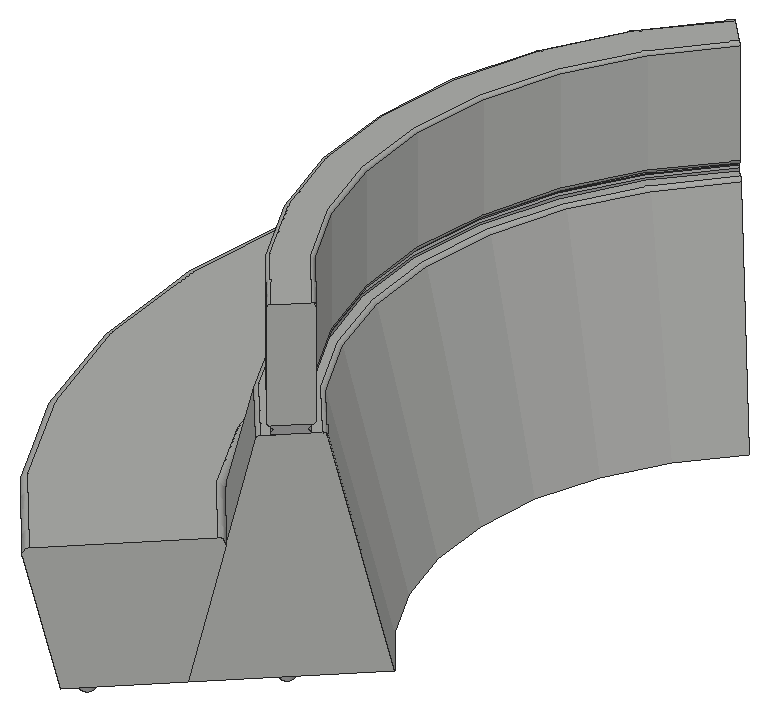
Revit family "Hive 90° External Bench, Full Base, One Screen", category Furniture, Revit 2020
Family settings
  OmniClass Number = 23.40.20.00
  OmniClass Title = General Furniture and Specialties
  Work Plane-Based = No
  Always vertical = Yes
  Cut with Voids When Loaded = No
  Shared = No
  Room Calculation Point = No
Parameters
  UK Secondary Seat Count = 4
  UK Primary Seat Count = 4
  Seat Upholstery [instance] = Fabric, Unspecified
  Seat Top Upholstery [instance] = Fabric, Unspecified
  Screen One Upholstery [instance] = Fabric, Unspecified
  Screen One Top Upholstery [instance] = Fabric, Unspecified
  Screen 1 [instance] = yes
  Power Module Seat Right Back [instance] = no
  Power Module Seat Left Back [instance] = no
  Power Module Screen 1 Back [instance] = no
  Plug = Palmer Hamilton Black Plastic
  Plate = Palmer Hamilton Alum
  No Legs [instance] = not(Legs)  # yes
  Model = "SHV3I"
  Legs [instance] = no
  LegRightOffset [instance] = 0' - 2 3/16"
  LegLeftOffset [instance] = 0' - 2 3/16"
  Leg [instance] = Palmer Hamilton - Aluminum
  Joint [instance] = Palmer Hamilton - Aluminum
  HS Seat Count = 4
  ES Seat Count = 4
  Default Elevation = 0' - 0"
  Cost = 4
  Back Upholstery [instance] = Fabric, Unspecified
  Back Top Upholstery [instance] = Fabric, Unspecified
Reference planes (in)
  plane 1 "Center Front/Back": y = 0
  plane 2: z = 0
  plane 3 "Center Left/Right": x = 0
  plane 4: z = 1.25
  plane 5: z = 9.1875
  plane 6: z = 17
  plane 7: z = 28
  plane 8: through (0, 0, 48) normal (-0.7071, -0.7071, 0)
  plane 9: x = -46.08772
  plane 10: x = -48.58772
  plane 11: x = -50.77522
  plane 12: x = -67.9375
  plane 13: x = -71.9375
  plane 14: through (0, 0, 48) normal (0.7071, -0.7071, 0)
  plane 15: through (-1.5468, 1.5468, 48) normal (0.7071, -0.7071, 0)
  plane 16: through (-1.5468, -1.5468, 48) normal (-0.7071, -0.7071, 0)
Forms (in)
  Extrusion 1, solid, material "Palmer Hamilton - Aluminum", visible <- "Legs"
    sketch origin (0, 0, 0) x (0.707107, 0.707107, 0) y (-0.707107, 0.707107, 0)
      loop
        circle (-48.62205, 2.1875) r 0.625
      loop
        circle (-71.96676, 2.1875) r 0.625
    from 0.25 to 12
  Extrusion 2, solid, material "Palmer Hamilton - Aluminum", visible <- "Legs"
    sketch origin (1.53114, -1.53114, 0) x (0.707107, 0.707107, 0) y (-0.707107, 0.707107, 0)
      loop
        circle (-2.1875, 50.80955) r 0.625
      loop
        circle (-2.1875, 74.13212) r 0.625
    from 0.25 to 12
  Extrusion 3, solid, material "Palmer Hamilton - Aluminum", visible <- "Legs"
    sketch origin (0, 0, 0) x (0.707107, 0.707107, 0) y (-0.707107, 0.707107, 0)
      loop
        circle (-34.33679, 34.33679) r 0.625
      loop
        circle (-50.86749, 50.86749) r 0.625
    from 0.25 to 12
  Extrusion 4, solid, material "pH Black Plastic", visible <- "Legs"
    sketch origin (0, 0, 0) x (0.707107, 0.707107, 0) y (-0.707107, 0.707107, 0)
      loop
        circle (-48.62205, 2.1875) r 0.75
      loop
        circle (-71.96481, 2.1875) r 0.75
    from 0 to 0.25
  Extrusion 5, solid, material "pH Black Plastic", visible <- "Legs"
    sketch origin (1.53114, -1.53114, 0) x (0.707107, 0.707107, 0) y (-0.707107, 0.707107, 0)
      loop
        circle (-2.1875, 50.80955) r 0.75
      loop
        circle (-2.1875, 74.13212) r 0.75
    from 0 to 0.25
  Extrusion 6, solid, material "pH Black Plastic", visible <- "Legs"
    sketch origin (0, 0, 0) x (0.707107, 0.707107, 0) y (-0.707107, 0.707107, 0)
      loop
        circle (-34.33679, 34.33679) r 0.75
      loop
        circle (-50.86749, 50.86749) r 0.75
    from 0 to 0.25
  Revolve 7, solid, material "Palmer Hamilton - Aluminum" <- "Joint", visible <- "Screen 1"
    sketch origin (0, 0, 0) x (1, 0, 0) y (0, 0, 1)
      loop
        line (-50.4124, 29) -> (-50.4124, 28.75) -> (-50.1624, 28.5) -> (-50.4124, 28.25) -> (-50.4124, 28) -> (-46.58858, 28) -> (-46.58858, 28.25) -> (-46.83858, 28.5) -> (-46.58858, 28.75) -> (-46.58858, 29) -> (-50.4124, 29)
      axis (0, 29) -> (0, 28)
    angle from 45 to -45
  Revolve 8, solid, material "Fabric, Unspecified" <- "Screen One Upholstery", visible <- "Screen 1"
    sketch origin (0, 0, 0) x (1, 0, 0) y (0, 0, 1)
      loop
        line (-50.81299, 42) -> (-50.81299, 29.375)
        arc (-50.81299, 29.375) -> (-50.70315, 29.10983) -> (-50.43799, 29) r 0.375
        line (-50.43799, 29) -> (-46.46358, 29)
        arc (-46.46358, 29) -> (-46.19842, 29.10983) -> (-46.08858, 29.375) r 0.375
        line (-46.08858, 29.375) -> (-46.08858, 42)
        arc (-46.08858, 42) -> (-46.19842, 42.26517) -> (-46.46358, 42.375) r 0.375
        line (-46.46358, 42.375) -> (-50.43799, 42.375)
        arc (-50.43799, 42.375) -> (-50.70315, 42.26517) -> (-50.81299, 42) r 0.375
      axis (0, 42.375) -> (0, 29)
    angle from 45 to -45
  Extrusion 9, solid, material "pH Black Plastic", visible <- "No Legs"
    sketch origin (0, 0, 0) x (0.707107, 0.707107, 0) y (-0.707107, 0.707107, 0)
      loop
        circle (-48.62205, 2.1875) r 0.75
      loop
        circle (-67.96481, 2.1875) r 0.75
    from 0 to 1.25
  Extrusion 10, solid, material "pH Black Plastic", visible <- "No Legs"
    sketch origin (0, 0, 0) x (0.707107, 0.707107, 0) y (-0.707107, 0.707107, 0)
      loop
        circle (-2.1875, 48.64419) r 0.75
      loop
        circle (-2.17894, 67.96481) r 0.75
    from 0 to 1.25
  Extrusion 11, solid, material "pH Black Plastic", visible <- "No Legs"
    sketch origin (0, 0, 0) x (0.707107, 0.707107, 0) y (-0.707107, 0.707107, 0)
      loop
        circle (-34.33679, 34.33679) r 0.75
      loop
        circle (-48.03907, 48.03907) r 0.75
    from 0 to 1.25
  Revolve 12, solid, material "Fabric, Unspecified" <- "Back Upholstery", visible <- "Legs"
    sketch origin (0, 0, 0) x (1, 0, 0) y (0, 0, 1)
      loop
        line (-45.46354, 28) -> (-51.43326, 28)
        arc (-51.43326, 28) -> (-51.74109, 27.89401) -> (-51.91841, 27.62096) r 0.5
        line (-51.91841, 27.62096) -> (-56.51438, 9.1875) -> (-40.38242, 9.1875) -> (-44.97839, 27.62096)
        arc (-44.97839, 27.62096) -> (-45.15571, 27.89401) -> (-45.46354, 28) r 0.5
      axis (0, 28) -> (0, 9.1875)
    angle from 45 to -45
  Revolve 13, solid, material "Fabric, Unspecified" <- "Seat Upholstery", visible <- "No Legs"
    sketch origin (0, 0, 0) x (1, 0, 0) y (0, 0, 1)
      loop
        line (-55.54902, 17) -> (-73.73989, 17)
        arc (-73.73989, 17) -> (-74.3309, 16.71175) -> (-74.46761, 16.06856) r 0.75
        line (-74.46761, 16.06856) -> (-70.77293, 1.25) -> (-58.51598, 1.25) -> (-54.82129, 16.06856)
        arc (-54.82129, 16.06856) -> (-54.95801, 16.71175) -> (-55.54902, 17) r 0.75
      axis (0, 17) -> (0, 1.25)
    angle from 45 to -45
  Revolve 14, solid, material "Fabric, Unspecified" <- "Seat Upholstery", visible <- "Legs"
    sketch origin (0, 0, 0) x (1, 0, 0) y (0, 0, 1)
      loop
        arc (-73.68133, 17) -> (-74.21166, 16.78033) -> (-74.43133, 16.25) r 0.75
        line (-74.43133, 16.25) -> (-74.43133, 9.5625)
        arc (-74.43133, 9.5625) -> (-74.32149, 9.29733) -> (-74.05633, 9.1875) r 0.375
        line (-74.05633, 9.1875) -> (-56.51438, 9.1875) -> (-54.79874, 16.06856)
        arc (-54.79874, 16.06856) -> (-54.93546, 16.71175) -> (-55.52647, 17) r 0.75
        line (-55.52647, 17) -> (-73.68133, 17)
      axis (0, 17) -> (0, 9.1875)
    angle from 45 to -45
  Revolve 15, solid, material "Fabric, Unspecified" <- "Back Upholstery", visible <- "No Legs"
    sketch origin (0, 0, 0) x (1, 0, 0) y (0, 0, 1)
      loop
        line (-45.46354, 28) -> (-51.43326, 28)
        arc (-51.43326, 28) -> (-51.74109, 27.89401) -> (-51.91841, 27.62096) r 0.5
        line (-51.91841, 27.62096) -> (-58.49051, 1.26168) -> (-38.40629, 1.26168) -> (-44.97839, 27.62096)
        arc (-44.97839, 27.62096) -> (-45.15571, 27.89401) -> (-45.46354, 28) r 0.5
      axis (0, 28) -> (0, 1.26168)
    angle from 45 to -45
  Extrusion 16, solid, material "Palmer Hamilton Alum" <- "Plate", visible <- "Power Module Screen 1 Back"
    sketch origin (-50.77522, 0.05906, 35.6875) x (0, -1, 0) y (0, 0, 1)
      loop
        line (0.875, 3.25) -> (-0.875, 3.25)
        arc (-0.875, 3.25) -> (-1.14017, 3.14017) -> (-1.25, 2.875) r 0.375
        line (-1.25, 2.875) -> (-1.25, -2.875)
        arc (-1.25, -2.875) -> (-1.14017, -3.14017) -> (-0.875, -3.25) r 0.375
        line (-0.875, -3.25) -> (0.875, -3.25)
        arc (0.875, -3.25) -> (1.14017, -3.14017) -> (1.25, -2.875) r 0.375
        line (1.25, -2.875) -> (1.25, 2.875)
        arc (1.25, 2.875) -> (1.14017, 3.14017) -> (0.875, 3.25) r 0.375
    from 0 to 0.0598
  Blend 17, solid, material "Palmer Hamilton Black Plastic" <- "Plug", visible <- "Power Module Screen 1 Back"
    base sketch origin (-50.77522, 0.05906, 35.6875) x (0, -1, 0) y (0, 0, 1)
      loop
        line (-0.535, 1.788) -> (-0.535, 0.718) -> (0.535, 0.718) -> (0.535, 1.788) -> (-0.535, 1.788)
    top sketch origin (-50.77522, 0.05906, 35.6875) x (0, -1, 0) y (0, 0, 1)
      loop
        line (-0.46894, 1.72894) -> (-0.46894, 0.78406) -> (0.47594, 0.78406) -> (0.47594, 1.72894) -> (-0.46894, 1.72894)
    from 0.0598 to 0.1378
  Blend 18, solid, material "Palmer Hamilton Black Plastic" <- "Plug", visible <- "Power Module Screen 1 Back"
    base sketch origin (-50.77522, 0.05906, 35.6875) x (0, -1, 0) y (0, 0, 1)
      loop
        line (-0.535, -1.788) -> (0.535, -1.788) -> (0.535, -0.718) -> (-0.535, -0.718) -> (-0.535, -1.788)
    top sketch origin (-50.77522, 0.05906, 35.6875) x (0, -1, 0) y (0, 0, 1)
      loop
        line (-0.46894, -1.72894) -> (0.47594, -1.72894) -> (0.47594, -0.78406) -> (-0.46894, -0.78406) -> (-0.46894, -1.72894)
    from 0.0598 to 0.1378
  Extrusion 19, solid, material "Palmer Hamilton Black Plastic" <- "Plug", visible <- "Power Module Screen 1 Back"
    sketch origin (-50.77522, 0.05906, 35.6875) x (0, -1, 0) y (0, 0, 1)
      loop
        line (-0.288, 0.2665) -> (-0.288, -0.2665) -> (0.288, -0.2665) -> (0.288, 0.2665) -> (-0.288, 0.2665)
      loop
        line (-0.18864, 0.20185) -> (-0.18864, -0.20575) -> (-0.06116, -0.20575) -> (-0.06116, 0.20185) -> (-0.18864, 0.20185)
      loop
        line (0.06115, 0.20185) -> (0.06115, -0.20575) -> (0.18863, -0.20575) -> (0.18863, 0.20185) -> (0.06115, 0.20185)
    from 0.0598 to 0.11052
  Extrusion 20, solid, material "Palmer Hamilton Alum" <- "Plate", visible <- "Power Module Seat Right Back"
    sketch origin (-45.68185, 45.68185, 9.1875) x (-0.707107, 0.707107, 0) y (0, 0, 1)
      loop
        line (0.875, 3.25) -> (-0.875, 3.25)
        arc (-0.875, 3.25) -> (-1.14017, 3.14017) -> (-1.25, 2.875) r 0.375
        line (-1.25, 2.875) -> (-1.25, -2.875)
        arc (-1.25, -2.875) -> (-1.14017, -3.14017) -> (-0.875, -3.25) r 0.375
        line (-0.875, -3.25) -> (0.875, -3.25)
        arc (0.875, -3.25) -> (1.14017, -3.14017) -> (1.25, -2.875) r 0.375
        line (1.25, -2.875) -> (1.25, 2.875)
        arc (1.25, 2.875) -> (1.14017, 3.14017) -> (0.875, 3.25) r 0.375
    from 0 to 0.0598
  Blend 21, solid, material "Palmer Hamilton Black Plastic" <- "Plug", visible <- "Power Module Seat Right Back"
    base sketch origin (-45.68185, 45.68185, 9.1875) x (-0.707107, 0.707107, 0) y (0, 0, 1)
      loop
        line (-0.535, 1.788) -> (-0.535, 0.718) -> (0.535, 0.718) -> (0.535, 1.788) -> (-0.535, 1.788)
    top sketch origin (-45.68185, 45.68185, 9.1875) x (-0.707107, 0.707107, 0) y (0, 0, 1)
      loop
        line (-0.46894, 1.72894) -> (-0.46894, 0.78406) -> (0.47594, 0.78406) -> (0.47594, 1.72894) -> (-0.46894, 1.72894)
    from 0.0598 to 0.1378
  Blend 22, solid, material "Palmer Hamilton Black Plastic" <- "Plug", visible <- "Power Module Seat Right Back"
    base sketch origin (-45.68185, 45.68185, 9.1875) x (-0.707107, 0.707107, 0) y (0, 0, 1)
      loop
        line (-0.535, -1.788) -> (0.535, -1.788) -> (0.535, -0.718) -> (-0.535, -0.718) -> (-0.535, -1.788)
    top sketch origin (-45.68185, 45.68185, 9.1875) x (-0.707107, 0.707107, 0) y (0, 0, 1)
      loop
        line (-0.46894, -1.72894) -> (0.47594, -1.72894) -> (0.47594, -0.78406) -> (-0.46894, -0.78406) -> (-0.46894, -1.72894)
    from 0.0598 to 0.1378
  Extrusion 23, solid, material "Palmer Hamilton Black Plastic" <- "Plug", visible <- "Power Module Seat Right Back"
    sketch origin (-45.68185, 45.68185, 9.1875) x (-0.707107, 0.707107, 0) y (0, 0, 1)
      loop
        line (-0.288, 0.2665) -> (-0.288, -0.2665) -> (0.288, -0.2665) -> (0.288, 0.2665) -> (-0.288, 0.2665)
      loop
        line (-0.18864, 0.20185) -> (-0.18864, -0.20575) -> (-0.06116, -0.20575) -> (-0.06116, 0.20185) -> (-0.18864, 0.20185)
      loop
        line (0.06115, 0.20185) -> (0.06115, -0.20575) -> (0.18863, -0.20575) -> (0.18863, 0.20185) -> (0.06115, 0.20185)
    from 0.0598 to 0.11052
  Extrusion 24, solid, material "Palmer Hamilton Alum" <- "Plate", visible <- "Power Module Seat Left Back"
    sketch origin (-45.68443, -45.68443, 9.1875) x (0.707107, 0.707107, 0) y (0, 0, 1)
      loop
        line (0.875, 3.25) -> (-0.875, 3.25)
        arc (-0.875, 3.25) -> (-1.14017, 3.14017) -> (-1.25, 2.875) r 0.375
        line (-1.25, 2.875) -> (-1.25, -2.875)
        arc (-1.25, -2.875) -> (-1.14017, -3.14017) -> (-0.875, -3.25) r 0.375
        line (-0.875, -3.25) -> (0.875, -3.25)
        arc (0.875, -3.25) -> (1.14017, -3.14017) -> (1.25, -2.875) r 0.375
        line (1.25, -2.875) -> (1.25, 2.875)
        arc (1.25, 2.875) -> (1.14017, 3.14017) -> (0.875, 3.25) r 0.375
    from 0 to 0.0598
  Blend 25, solid, material "Palmer Hamilton Black Plastic" <- "Plug", visible <- "Power Module Seat Left Back"
    base sketch origin (-45.68443, -45.68443, 9.1875) x (0.707107, 0.707107, 0) y (0, 0, 1)
      loop
        line (-0.535, 1.788) -> (-0.535, 0.718) -> (0.535, 0.718) -> (0.535, 1.788) -> (-0.535, 1.788)
    top sketch origin (-45.68443, -45.68443, 9.1875) x (0.707107, 0.707107, 0) y (0, 0, 1)
      loop
        line (-0.46894, 1.72894) -> (-0.46894, 0.78406) -> (0.47594, 0.78406) -> (0.47594, 1.72894) -> (-0.46894, 1.72894)
    from 0.0598 to 0.1378
  Blend 26, solid, material "Palmer Hamilton Black Plastic" <- "Plug", visible <- "Power Module Seat Left Back"
    base sketch origin (-45.68443, -45.68443, 9.1875) x (0.707107, 0.707107, 0) y (0, 0, 1)
      loop
        line (-0.535, -1.788) -> (0.535, -1.788) -> (0.535, -0.718) -> (-0.535, -0.718) -> (-0.535, -1.788)
    top sketch origin (-45.68443, -45.68443, 9.1875) x (0.707107, 0.707107, 0) y (0, 0, 1)
      loop
        line (-0.46894, -1.72894) -> (0.47594, -1.72894) -> (0.47594, -0.78406) -> (-0.46894, -0.78406) -> (-0.46894, -1.72894)
    from 0.0598 to 0.1378
  Extrusion 27, solid, material "Palmer Hamilton Black Plastic" <- "Plug", visible <- "Power Module Seat Left Back"
    sketch origin (-45.68443, -45.68443, 9.1875) x (0.707107, 0.707107, 0) y (0, 0, 1)
      loop
        line (-0.288, 0.2665) -> (-0.288, -0.2665) -> (0.288, -0.2665) -> (0.288, 0.2665) -> (-0.288, 0.2665)
      loop
        line (-0.18864, 0.20185) -> (-0.18864, -0.20575) -> (-0.06116, -0.20575) -> (-0.06116, 0.20185) -> (-0.18864, 0.20185)
      loop
        line (0.06115, 0.20185) -> (0.06115, -0.20575) -> (0.18863, -0.20575) -> (0.18863, 0.20185) -> (0.06115, 0.20185)
    from 0.0598 to 0.11052
  Extrusion 28, void
    sketch origin (-64.60753, 32.30928, 9.1875) x (1, 0, 0) y (0, 0, 1)
      loop
        arc (-0.1165, 1.49056) -> (0.0035, 1.37056) -> (0.1235, 1.49056) r 0.12
        line (0.1235, 1.49056) -> (0.1235, 1.61056) -> (-0.1165, 1.61056) -> (-0.1165, 1.49056)
      loop
        line (-0.30278, 1.19556) -> (-0.30278, 0.84957) -> (-0.18628, 0.84957) -> (-0.18628, 1.19556) -> (-0.30278, 1.19556)
      loop
        line (0.19722, 1.16331) -> (0.19722, 0.88182) -> (0.31372, 0.88182) -> (0.31372, 1.16331) -> (0.19722, 1.16331)
    from 0.0598 to 0.1378
Cuts and joins
  Extrusion 28 cuts Revolve 15
Dimensions and locks (in)
  Extrusion 11 sketch curve to Extrusion 11 sketch curve to plane 3 "Center Left/Right" = 1' - 7.37795" locked, 4' - 0.55955" locked
  Extrusion 6 sketch curve to Extrusion 6 sketch curve to plane 3 "Center Left/Right" = 1' - 11.37795" locked, 4' - 0.55955" locked
  Extrusion 3 sketch curve to Extrusion 3 sketch curve to plane 3 "Center Left/Right" = 1' - 11.37795" locked, 4' - 0.55955" locked
  Extrusion 9 sketch curve to Extrusion 9 sketch curve to plane 8 = 1' - 7.34276" locked, 4' - 0.62205" locked
  Extrusion 1 sketch curve to Extrusion 1 sketch curve to plane 8 = 1' - 11.34471" locked, 4' - 0.62205" locked
  Extrusion 4 sketch curve to Extrusion 4 sketch curve to plane 8 = 1' - 11.34276" locked, 4' - 0.62205" locked
  plane 14 to Extrusion 10 sketch curve to Extrusion 10 sketch curve = 4' - 0.64419" locked, 1' - 7.32061" locked
  plane 14 to Extrusion 5 sketch curve to Extrusion 5 sketch curve = 4' - 0.64419" locked, 1' - 11.32257" locked
  plane 14 to Extrusion 2 sketch curve to Extrusion 2 sketch curve = 4' - 0.64419" locked, 1' - 11.32257" locked
  "LegRightOffset": plane 16 to plane 8
  "LegLeftOffset": plane 14 to plane 15
  aligned and locked: level to plane 2
Automatic sketch dimensions
  plane 15 to Extrusion 1 sketch curve = 0' - 0"  (x2)
  plane 16 to Extrusion 2 sketch curve = 0' - 0"  (x2)
  Extrusion 3 sketch curve to plane 1 "Center Front/Back" = 0' - 0"
  plane 1 "Center Front/Back" to Extrusion 3 sketch curve = 0' - 0"
  plane 15 to Extrusion 4 sketch curve = 0' - 0"  (x2)
  plane 16 to Extrusion 5 sketch curve = 0' - 0"  (x2)
  Extrusion 6 sketch curve to plane 1 "Center Front/Back" = 0' - 0"
  plane 1 "Center Front/Back" to Extrusion 6 sketch curve = 0' - 0"
  Revolve 7 sketch curve to plane 7 = 0' - 0"
  Revolve 7 sketch curve to plane 3 "Center Left/Right" = 0' - 0"
  plane 9 to Revolve 7 sketch curve = 0' - 0.50087"  (x2)
  plane 7 to Revolve 7 sketch curve = 0' - 0 1/2"
  Revolve 7 sketch curve to Revolve 7 sketch curve = 0' - 0 1/4"  (x4)
  Revolve 7 sketch curve to plane 11 = 0' - 0.61281"
  Revolve 7 sketch curve to plane 11 = 0' - 0.36281"
  plane 7 to Revolve 7 sketch curve = 0' - 0 1/4"  (x2)
  Revolve 7 sketch curve to level = 2' - 0"
  plane 7 to Revolve 7 sketch curve = 5' - 7.33184"
  Revolve 8 sketch curve to plane 3 "Center Left/Right" = 0' - 0"
  plane 9 to Revolve 8 sketch curve = 0' - 0.00087"
  plane 9 to Revolve 8 sketch curve = 0' - 0.37587"
  Revolve 8 sketch curve to Revolve 8 sketch curve = 0' - 0 3/8"
  Revolve 8 sketch curve to plane 11 = 0' - 0.33723"  (x2)
  plane 11 to Revolve 8 sketch curve = 0' - 0.03777"
  plane 7 to Revolve 8 sketch curve = 0' - 1"
  Revolve 8 sketch curve to Revolve 8 sketch curve = 1' - 0 5/8"
  Revolve 8 sketch curve to level = 2' - 0"
  plane 7 to Revolve 8 sketch curve = 5' - 7.33184"
  plane 15 to Extrusion 9 sketch curve = 0' - 0"  (x2)
  plane 16 to Extrusion 10 sketch curve = 0' - 0"
  Extrusion 10 sketch curve to plane 16 = 0' - 0.00856"
  Extrusion 11 sketch curve to plane 1 "Center Front/Back" = 0' - 0"
  plane 1 "Center Front/Back" to Extrusion 11 sketch curve = 0' - 0"
  Revolve 12 sketch curve to plane 5 = 0' - 0"
  Revolve 12 sketch curve to plane 7 = 0' - 0"
  Revolve 12 sketch curve to plane 3 "Center Left/Right" = 0' - 0"
  Revolve 12 sketch curve to plane 9 = 0' - 5.7053"
  Revolve 12 sketch curve to plane 7 = 0' - 0.37904"  (x2)
  Revolve 12 sketch curve to plane 9 = 0' - 1.10932"
  Revolve 12 sketch curve to plane 7 = 0' - 0 1/2"
  plane 11 to Revolve 12 sketch curve = 0' - 0.65804"
  Revolve 12 sketch curve to Revolve 12 sketch curve = 0' - 0.48515"
  plane 11 to Revolve 12 sketch curve = 0' - 5.73917"
  plane 7 to Revolve 12 sketch curve = 1' - 3 3/8"
  Revolve 12 sketch curve to Revolve 12 sketch curve = 1' - 1 3/8"
  Revolve 13 sketch curve to plane 6 = 0' - 0"
  Revolve 13 sketch curve to plane 4 = 0' - 0"
  Revolve 13 sketch curve to plane 3 "Center Left/Right" = 0' - 0"
  Revolve 13 sketch curve to plane 6 = 0' - 0.93144"  (x2)
  plane 11 to Revolve 13 sketch curve = 0' - 4.04608"
  Revolve 13 sketch curve to Revolve 13 sketch curve = 0' - 0.72772"
  plane 11 to Revolve 13 sketch curve = 0' - 7.74076"
  Revolve 13 sketch curve to plane 13 = 0' - 1.16457"
  Revolve 13 sketch curve to plane 6 = 0' - 0 3/4"
  plane 13 to Revolve 13 sketch curve = 0' - 1.80239"
  Revolve 13 sketch curve to level = 2' - 0"
  plane 7 to Revolve 13 sketch curve = 5' - 7.33184"
  Revolve 14 sketch curve to plane 5 = 0' - 0"
  Revolve 14 sketch curve to plane 6 = 0' - 0"
  Revolve 14 sketch curve to plane 3 "Center Left/Right" = 0' - 0"
  Revolve 14 sketch curve to plane 6 = 0' - 0.93144"
  plane 11 to Revolve 14 sketch curve = 0' - 4.02353"
  Revolve 14 sketch curve to Revolve 14 sketch curve = 0' - 0.72772"
  plane 11 to Revolve 14 sketch curve = 0' - 5.73917"
  plane 13 to Revolve 14 sketch curve = 0' - 1.74383"
  plane 13 to Revolve 14 sketch curve = 0' - 2.11883"
  Revolve 14 sketch curve to Revolve 14 sketch curve = 0' - 0 3/8"
  Revolve 14 sketch curve to level = 2' - 0"
  plane 7 to Revolve 14 sketch curve = 5' - 7.33184"
  Revolve 15 sketch curve to plane 7 = 0' - 0"
  Revolve 15 sketch curve to plane 3 "Center Left/Right" = 0' - 0"
  plane 4 to Revolve 15 sketch curve = 0' - 0.01168"
  Revolve 15 sketch curve to plane 9 = 0' - 7.68143"
  Revolve 15 sketch curve to plane 7 = 0' - 0.37904"  (x2)
  Revolve 15 sketch curve to plane 9 = 0' - 1.10932"
  Revolve 15 sketch curve to plane 7 = 0' - 0 1/2"
  plane 11 to Revolve 15 sketch curve = 0' - 0.65804"
  Revolve 15 sketch curve to Revolve 15 sketch curve = 0' - 0.48515"
  plane 11 to Revolve 15 sketch curve = 0' - 7.7153"
  plane 7 to Revolve 15 sketch curve = 1' - 3 3/8"
  Revolve 15 sketch curve to Revolve 15 sketch curve = 1' - 1 3/8"
  Extrusion 16 sketch curve to plane 1 "Center Front/Back" = 0' - 1.30906"
  Extrusion 16 sketch curve to Extrusion 16 sketch curve = 0' - 0 3/8"  (x3)
  plane 1 "Center Front/Back" to Extrusion 16 sketch curve = 0' - 0.81594"  (x2)
  plane 7 to Extrusion 16 sketch curve = 0' - 4 7/16"
  Extrusion 16 sketch curve to Extrusion 16 sketch curve = 0' - 5 3/4"
  Blend 17 sketch curve to plane 1 "Center Front/Back" = 0' - 0.59406"
  plane 1 "Center Front/Back" to Blend 17 sketch curve = 0' - 0.47594"
  plane 7 to Blend 17 sketch curve = 0' - 8.4055"
  Blend 17 sketch curve to Blend 17 sketch curve = 0' - 1.07"
  Blend 17 sketch curve to plane 1 "Center Front/Back" = 0' - 0.528"
  plane 1 "Center Front/Back" to Blend 17 sketch curve = 0' - 0.41688"
  plane 7 to Blend 17 sketch curve = 0' - 8.47156"
  Blend 17 sketch curve to Blend 17 sketch curve = 0' - 0.94488"
  Blend 18 sketch curve to plane 1 "Center Front/Back" = 0' - 0.59406"
  plane 1 "Center Front/Back" to Blend 18 sketch curve = 0' - 0.47594"
  plane 7 to Blend 18 sketch curve = 0' - 5.8995"
  Blend 18 sketch curve to Blend 18 sketch curve = 0' - 1.07"
  Blend 18 sketch curve to plane 1 "Center Front/Back" = 0' - 0.528"
  plane 1 "Center Front/Back" to Blend 18 sketch curve = 0' - 0.41688"
  plane 7 to Blend 18 sketch curve = 0' - 5.95856"
  Blend 18 sketch curve to Blend 18 sketch curve = 0' - 0.94488"
  Extrusion 19 sketch curve to plane 1 "Center Front/Back" = 0' - 0.34706"
  Extrusion 19 sketch curve to Extrusion 19 sketch curve = 0' - 0.09936"
  Extrusion 19 sketch curve to plane 1 "Center Front/Back" = 0' - 0.12022"
  plane 1 "Center Front/Back" to Extrusion 19 sketch curve = 0' - 0.00209"
  Extrusion 19 sketch curve to Extrusion 19 sketch curve = 0' - 0.12748"
  Extrusion 19 sketch curve to Extrusion 19 sketch curve = 0' - 0.09937"
  plane 7 to Extrusion 19 sketch curve = 0' - 7.421"
  Extrusion 19 sketch curve to Extrusion 19 sketch curve = 0' - 0.06075"
  Extrusion 19 sketch curve to Extrusion 19 sketch curve = 0' - 0"  (x2)
  Extrusion 19 sketch curve to Extrusion 19 sketch curve = 0' - 0.4076"
  Extrusion 19 sketch curve to Extrusion 19 sketch curve = 0' - 0.06465"
  plane 5 to Extrusion 20 sketch curve = 0' - 2 7/8"
  Extrusion 20 sketch curve to plane 15 = 5' - 1.1664"
  Extrusion 20 sketch curve to Extrusion 20 sketch curve = 0' - 0 3/8"  (x3)
  Extrusion 20 sketch curve to Extrusion 20 sketch curve = 0' - 1 3/4"  (x2)
  Extrusion 20 sketch curve to plane 5 = 0' - 2 7/8"
  plane 5 to Blend 21 sketch curve = 0' - 0.718"
  Blend 21 sketch curve to plane 15 = 5' - 1.8814"
  Blend 21 sketch curve to Blend 21 sketch curve = 0' - 1.07"  (x2)
  plane 5 to Blend 21 sketch curve = 0' - 0.78406"
  Blend 21 sketch curve to plane 15 = 5' - 1.94746"
  Blend 21 sketch curve to Blend 21 sketch curve = 0' - 0.94488"  (x2)
  Blend 22 sketch curve to plane 5 = 0' - 0.718"
  Blend 22 sketch curve to plane 15 = 5' - 1.8814"
  Blend 22 sketch curve to Blend 22 sketch curve = 0' - 1.07"  (x2)
  Blend 22 sketch curve to plane 5 = 0' - 0.78406"
  Blend 22 sketch curve to plane 15 = 5' - 1.94746"
  Blend 22 sketch curve to Blend 22 sketch curve = 0' - 0.94488"  (x2)
  Extrusion 23 sketch curve to plane 5 = 0' - 0.2665"
  Extrusion 23 sketch curve to plane 15 = 5' - 2.1284"
  Extrusion 23 sketch curve to Extrusion 23 sketch curve = 0' - 0.09936"
  Extrusion 23 sketch curve to Extrusion 23 sketch curve = 0' - 0.12748"  (x2)
  Extrusion 23 sketch curve to Extrusion 23 sketch curve = 0' - 0.1223"
  Extrusion 23 sketch curve to Extrusion 23 sketch curve = 0' - 0.09937"
  Extrusion 23 sketch curve to Extrusion 23 sketch curve = 0' - 0.06075"
  Extrusion 23 sketch curve to Extrusion 23 sketch curve = 0' - 0"  (x2)
  plane 5 to Extrusion 23 sketch curve = 0' - 0.20185"
  Extrusion 23 sketch curve to Extrusion 23 sketch curve = 0' - 0.06465"
  plane 5 to Extrusion 24 sketch curve = 0' - 2 7/8"
  plane 16 to Extrusion 24 sketch curve = 5' - 3.67003"
  Extrusion 24 sketch curve to Extrusion 24 sketch curve = 0' - 0 3/8"  (x3)
  Extrusion 24 sketch curve to Extrusion 24 sketch curve = 0' - 1 3/4"  (x2)
  Extrusion 24 sketch curve to plane 5 = 0' - 2 7/8"
  plane 5 to Blend 25 sketch curve = 0' - 0.718"
  plane 16 to Blend 25 sketch curve = 5' - 2.95503"
  Blend 25 sketch curve to Blend 25 sketch curve = 0' - 1.07"  (x2)
  plane 5 to Blend 25 sketch curve = 0' - 0.78406"
  plane 16 to Blend 25 sketch curve = 5' - 2.88897"
  Blend 25 sketch curve to Blend 25 sketch curve = 0' - 0.94488"  (x2)
  Blend 26 sketch curve to plane 5 = 0' - 0.718"
  plane 16 to Blend 26 sketch curve = 5' - 2.95503"
  Blend 26 sketch curve to Blend 26 sketch curve = 0' - 1.07"  (x2)
  Blend 26 sketch curve to plane 5 = 0' - 0.78406"
  plane 16 to Blend 26 sketch curve = 5' - 2.88897"
  Blend 26 sketch curve to Blend 26 sketch curve = 0' - 0.94488"  (x2)
  Extrusion 27 sketch curve to plane 5 = 0' - 0.2665"
  plane 16 to Extrusion 27 sketch curve = 5' - 2.70803"
  Extrusion 27 sketch curve to Extrusion 27 sketch curve = 0' - 0.09936"
  Extrusion 27 sketch curve to Extrusion 27 sketch curve = 0' - 0.12748"  (x2)
  Extrusion 27 sketch curve to Extrusion 27 sketch curve = 0' - 0.1223"
  Extrusion 27 sketch curve to Extrusion 27 sketch curve = 0' - 0.09937"
  Extrusion 27 sketch curve to Extrusion 27 sketch curve = 0' - 0.06075"
  Extrusion 27 sketch curve to Extrusion 27 sketch curve = 0' - 0"  (x2)
  plane 5 to Extrusion 27 sketch curve = 0' - 0.20185"
  Extrusion 27 sketch curve to Extrusion 27 sketch curve = 0' - 0.06465"
  plane 5 to Extrusion 28 sketch curve = 0' - 0.84957"
  Extrusion 28 sketch curve to plane 12 = 0' - 3.02719"
  Extrusion 28 sketch curve to Extrusion 28 sketch curve = 0' - 0.1165"  (x2)
  Extrusion 28 sketch curve to Extrusion 28 sketch curve = 0' - 0.06978"
  Extrusion 28 sketch curve to Extrusion 28 sketch curve = 0' - 0.12"  (x2)
  Extrusion 28 sketch curve to Extrusion 28 sketch curve = 0' - 0.07372"
  Extrusion 28 sketch curve to Extrusion 28 sketch curve = 0' - 0.03224"
  Extrusion 28 sketch curve to Extrusion 28 sketch curve = 0' - 0.2815"
  Extrusion 28 sketch curve to Extrusion 28 sketch curve = 0' - 0.34598"
  Extrusion 28 sketch curve to Extrusion 28 sketch curve = 0' - 0.295"
  radius of Extrusion 1 sketch curve = 0' - 0 5/8"  (x2)
  radius of Extrusion 2 sketch curve = 0' - 0 5/8"  (x2)
  radius of Extrusion 3 sketch curve = 0' - 0 5/8"  (x2)
  radius of Extrusion 4 sketch curve = 0' - 0 3/4"  (x2)
  radius of Extrusion 5 sketch curve = 0' - 0 3/4"  (x2)
  radius of Extrusion 6 sketch curve = 0' - 0 3/4"  (x2)
  radius of Extrusion 9 sketch curve = 0' - 0 3/4"  (x2)
  radius of Extrusion 10 sketch curve = 0' - 0 3/4"  (x2)
  radius of Extrusion 11 sketch curve = 0' - 0 3/4"  (x2)
